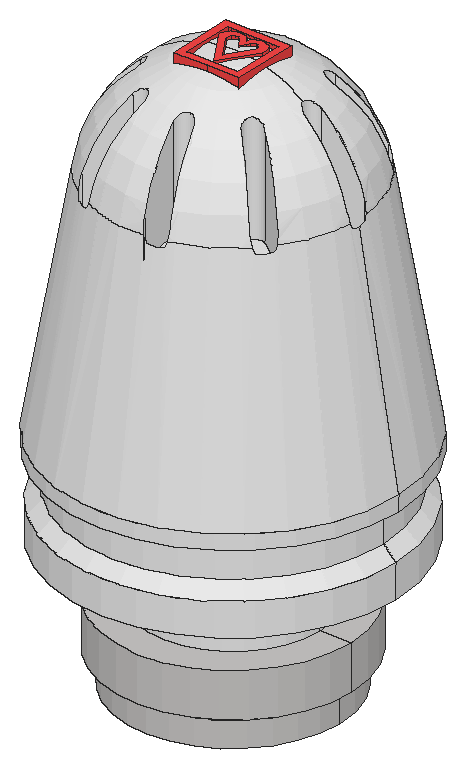
Revit family "Термостатическая головка HERZ-Design-MINI GS, с присоединительной резьбой М 28х1.5, 9200 03", category Rohrzubehör, Revit 2021
Family settings
  Bemaßung runder Anschluss = Durchmesser verwenden
  Teiletyp = Normal
  OmniClass-Nummer = 23.65.55.14
  OmniClass-Titel = Valves for Liquid Services
  Arbeitsebenenbasiert = Nein
  Immer vertikal = Nein
  Beim Laden mit Abzugskörper schneiden = Nein
  Gemeinsam genutzt = Nein
Parameters
  Принцип действия = "HERZ-термостатическая головка является датчиком прямого регулирования.\r\nИзменение объема жидкости в HERZ-гидросенсоре приводит в движение шток клапана."
  Область применения = "Для монтажа на всех HERZ-клапанах, предназначенных для термостатической работы."
  Номер заказа = 1920003  # constant formula
  Морозозащита = 6 °C  # constant formula
  Маховик = "Пластик, белый"  # constant formula
  Диапазон регулирования с морозозащитой = "6-30°C"  # constant formula
  Диапазон регулирования = "0-30°C"  # constant formula
  Vorgabe-Ansicht = 0 mm
  URL = "www.herz-armaturen.ru"
  S02 = 60 mm  # constant formula
  S01 = 73 mm  # constant formula
  Позиция теплового запирания "0" = "Термостатическая головка с жидкостным датчиком (гидросенсором) с позициями теплового запираниия \"0\" и морозозащиты, с ограничением и блокировкой диапазона регулирования."
  Hersteller = "HERZ Armaturen Ges.m.b.H."  # constant formula
  Позиция морозозащиты * = "Термостатическая головка с жидкостным датчиком (гидросенсором) с позицией морозозащиты и ограничением, блокировкой диапазона регулирования."
Reference planes
  plane 1 "Mitte (Vorne/hinten)": y = 0
  plane 2: z = 0
  plane 3 "Mitte (Links/rechts)": x = 0
Forms (mm)
  Revolve 1, solid, material "Kunststoff weiß", detail levels fine
    sketch origin (0, 0, 0) x (1, 0, 0) y (0, 0, 1)
      loop
        line (0, 0) -> (0, 73)
        arc (0, 73) -> (-11.397, 68.78) -> (-17.297, 58.156) r 17.5
        arc (-17.297, 58.156) -> (-20.011, 42.065) -> (-22.88, 26) r 1681.293
        line (-22.88, 26) -> (-22.88, 24) -> (-20.75, 24) -> (-20.75, 19.25) -> (-22.5, 17.5) -> (-22.5, 13) -> (-12.8, 13)
        arc (-12.8, 13) -> (-12.234, 12.766) -> (-12, 12.2) r 0.8
        line (-12, 12.2) -> (-12, 4.8) -> (-13.2, 4.8) -> (-13.2, 0) -> (0, 0)
      axis (0, 73) -> (0, 0)
    angle from 0 to 360
  Revolve 2, solid, material "Messing verzinkt", detail levels fine
    sketch origin (0, 0, 0) x (1, 0, 0) y (0, 0, 1)
      loop
        line (0, 0) -> (0, 5.5) -> (-16.35, 5.5) -> (-16.35, -0.576) -> (-14.75, -1.5) -> (-14.75, -5) -> (-13.35, -5) -> (-13.35, 0) -> (0, 0)
      axis (0, 5.5) -> (0, -5)
    angle from 0 to 360
  Extrusion 3, void
    sketch origin (0, 0, 0) x (1, 0, 0) y (0, 1, 0)
      loop
        arc (11.027, 1.298) -> (9.8, 0) -> (11.027, -1.298) r 1.3
        line (11.027, -1.298) -> (16.77, -1.62)
        arc (16.77, -1.62) -> (17.178, -1.485) -> (17.384, -1.107) r 0.586
        arc (17.384, -1.107) -> (17.453, 0.011) -> (17.382, 1.129) r 9
        arc (17.382, 1.129) -> (17.183, 1.492) -> (16.79, 1.621) r 0.564
        line (16.79, 1.621) -> (11.027, 1.298)
      loop
        line (9.282, 6.094) -> (13.904, 9.55)
        arc (13.904, 9.55) -> (14.121, 9.902) -> (14.04, 10.308) r 0.564
        arc (14.04, 10.308) -> (13.376, 11.21) -> (12.605, 12.023) r 9
        arc (12.605, 12.023) -> (12.205, 12.18) -> (11.805, 12.021) r 0.586
        line (11.805, 12.021) -> (7.613, 8.082)
        arc (7.613, 8.082) -> (7.507, 6.299) -> (9.282, 6.094) r 1.3
      loop
        arc (0.637, 11.085) -> (1.702, 9.651) -> (3.193, 10.634) r 1.3
        line (3.193, 10.634) -> (4.508, 16.234)
        arc (4.508, 16.234) -> (4.445, 16.659) -> (4.109, 16.928) r 0.586
        arc (4.109, 16.928) -> (3.02, 17.189) -> (1.907, 17.313) r 9
        arc (1.907, 17.313) -> (1.515, 17.181) -> (1.319, 16.816) r 0.564
        line (1.319, 16.816) -> (0.637, 11.085)
      loop
        line (-4.39, 10.199) -> (-6.991, 15.351)
        arc (-6.991, 15.351) -> (-7.3, 15.626) -> (-7.713, 15.617) r 0.564
        arc (-7.713, 15.617) -> (-8.717, 15.12) -> (-9.651, 14.501) r 9
        arc (-9.651, 14.501) -> (-9.875, 14.134) -> (-9.788, 13.713) r 0.586
        line (-9.788, 13.713) -> (-6.638, 8.901)
        arc (-6.638, 8.901) -> (-4.9, 8.487) -> (-4.39, 10.199) r 1.3
      loop
        arc (-10.806, 2.552) -> (-9.209, 3.352) -> (-9.918, 4.991) r 1.3
        line (-9.918, 4.991) -> (-15.204, 7.258)
        arc (-15.204, 7.258) -> (-15.634, 7.271) -> (-15.957, 6.986) r 0.586
        arc (-15.957, 6.986) -> (-16.404, 5.959) -> (-16.719, 4.884) r 9
        arc (-16.719, 4.884) -> (-16.657, 4.475) -> (-16.332, 4.219) r 0.564
        line (-16.332, 4.219) -> (-10.806, 2.552)
      loop
        line (-10.806, -2.552) -> (-16.332, -4.219)
        arc (-16.332, -4.219) -> (-16.657, -4.475) -> (-16.719, -4.884) r 0.564
        arc (-16.719, -4.884) -> (-16.404, -5.959) -> (-15.957, -6.986) r 9
        arc (-15.957, -6.986) -> (-15.634, -7.271) -> (-15.204, -7.258) r 0.586
        line (-15.204, -7.258) -> (-9.918, -4.991)
        arc (-9.918, -4.991) -> (-9.209, -3.352) -> (-10.806, -2.552) r 1.3
      loop
        arc (9.282, -6.094) -> (7.507, -6.299) -> (7.613, -8.082) r 1.3
        line (7.613, -8.082) -> (11.805, -12.021)
        arc (11.805, -12.021) -> (12.205, -12.18) -> (12.605, -12.023) r 0.586
        arc (12.605, -12.023) -> (13.376, -11.21) -> (14.04, -10.308) r 9
        arc (14.04, -10.308) -> (14.121, -9.902) -> (13.904, -9.55) r 0.564
        line (13.904, -9.55) -> (9.282, -6.094)
      loop
        line (0.637, -11.085) -> (1.319, -16.816)
        arc (1.319, -16.816) -> (1.515, -17.181) -> (1.907, -17.313) r 0.564
        arc (1.907, -17.313) -> (3.02, -17.189) -> (4.109, -16.928) r 9
        arc (4.109, -16.928) -> (4.445, -16.659) -> (4.508, -16.234) r 0.586
        line (4.508, -16.234) -> (3.193, -10.634)
        arc (3.193, -10.634) -> (1.702, -9.651) -> (0.637, -11.085) r 1.3
      loop
        arc (-4.39, -10.199) -> (-4.9, -8.487) -> (-6.638, -8.901) r 1.3
        line (-6.638, -8.901) -> (-9.788, -13.713)
        arc (-9.788, -13.713) -> (-9.875, -14.134) -> (-9.651, -14.501) r 0.586
        arc (-9.651, -14.501) -> (-8.717, -15.12) -> (-7.713, -15.617) r 9
        arc (-7.713, -15.617) -> (-7.3, -15.626) -> (-6.991, -15.351) r 0.564
        line (-6.991, -15.351) -> (-4.39, -10.199)
    from 55 to 73
Cuts and joins
  Extrusion 3 cuts Revolve 1
Lines and regions (mm)
  model lines, detail levels coarse+medium
    curve 1: line (0, 0, 0) -> (0, 0, 13)
    curve 2: line (0, -0.017, 0) -> (0, 13, 0)
    curve 3: circle (0, 0, 43) r 30 normal (0, -1, 0)
    curve 4: circle (0, 0, 43) r 30 normal (1, 0, 0)
    curve 5: line (0, 0, 23) -> (0, 0, 63)
    curve 6: line (0, -17.5, 63) -> (0, 17.5, 63)
    curve 7: line (0, 0, 23) -> (0, 0, 63)
    curve 8: line (-17.5, 0, 63) -> (17.5, 0, 63)
    curve 9: circle (0, 43, 0) r 30 normal (0, 0, 1)
    curve 10: line (0, 23, 0) -> (0, 63, 0)
    curve 11: line (-17.5, 63, 0) -> (17.5, 63, 0)
Dimensions and locks
  "S01": curve 4 to plane 2
  "S01": curve 3 to plane 2
  "S01": plane 1 "Mitte (Vorne/hinten)" to curve 9
  "S02": diameter of curve 3
  "S02": diameter of curve 4
  "S02": diameter of curve 9
  aligned and locked: level to plane 2
Automatic sketch dimensions
  Revolve 1 sketch curve to level = 0 mm
  Revolve 1 sketch curve to plane 3 "Mitte (Links/rechts)" = 0 mm  (x2)
  Revolve 1 sketch curve to plane 3 "Mitte (Links/rechts)" = 12 mm
  Revolve 1 sketch curve to Revolve 1 sketch curve = 0.8 mm
  Revolve 1 sketch curve to Revolve 1 sketch curve = 1.2 mm
  Revolve 1 sketch curve to Revolve 1 sketch curve = 7.95 mm
  Revolve 1 sketch curve to Revolve 1 sketch curve = 1.75 mm  (x2)
  Revolve 1 sketch curve to Revolve 1 sketch curve = 2.13 mm
  level to Revolve 1 sketch curve = 329.658 mm
  Revolve 1 sketch curve to plane 3 "Mitte (Links/rechts)" = 1676.524 mm
  level to Revolve 1 sketch curve = 4.8 mm
  Revolve 1 sketch curve to Revolve 1 sketch curve = 7.4 mm
  Revolve 1 sketch curve to Revolve 1 sketch curve = 4.5 mm
  Revolve 1 sketch curve to Revolve 1 sketch curve = 4.75 mm
  Revolve 1 sketch curve to Revolve 1 sketch curve = 2 mm
  Revolve 1 sketch curve to Revolve 1 sketch curve = 29.5 mm
  Revolve 1 sketch curve to Revolve 1 sketch curve = 17.5 mm
  Revolve 1 sketch curve to level = 366.045 mm
  Revolve 1 sketch curve to Revolve 1 sketch curve = 2141.315 mm
  Revolve 2 sketch curve to level = 0 mm
  Revolve 2 sketch curve to plane 3 "Mitte (Links/rechts)" = 0 mm  (x2)
  Revolve 2 sketch curve to level = 5 mm
  Revolve 2 sketch curve to plane 3 "Mitte (Links/rechts)" = 13.35 mm
  Revolve 2 sketch curve to Revolve 2 sketch curve = 1.4 mm
  Revolve 2 sketch curve to level = 0.576 mm
  Revolve 2 sketch curve to Revolve 2 sketch curve = 1.6 mm
  Revolve 2 sketch curve to level = 1.5 mm
  level to Revolve 2 sketch curve = 5.5 mm
  Revolve 2 sketch curve to Revolve 2 sketch curve = 361.045 mm
  Revolve 2 sketch curve to Revolve 2 sketch curve = 2208.815 mm
  plane 1 "Mitte (Vorne/hinten)" to Extrusion 3 sketch curve = 0 mm  (x2)
  Extrusion 3 sketch curve to plane 1 "Mitte (Vorne/hinten)" = 4.219 mm
  Extrusion 3 sketch curve to plane 3 "Mitte (Links/rechts)" = 16.332 mm
  plane 1 "Mitte (Vorne/hinten)" to Extrusion 3 sketch curve = 4.219 mm
  Extrusion 3 sketch curve to Extrusion 3 sketch curve = 0 mm  (x11)
  Extrusion 3 sketch curve to Extrusion 3 sketch curve = 0.163 mm  (x2)
  Extrusion 3 sketch curve to Extrusion 3 sketch curve = 0.734 mm  (x2)
  plane 1 "Mitte (Vorne/hinten)" to Extrusion 3 sketch curve = 7.258 mm
  Extrusion 3 sketch curve to Extrusion 3 sketch curve = 0.231 mm  (x2)
  Extrusion 3 sketch curve to plane 1 "Mitte (Vorne/hinten)" = 7.258 mm
  plane 1 "Mitte (Vorne/hinten)" to Extrusion 3 sketch curve = 2.552 mm
  Extrusion 3 sketch curve to Extrusion 3 sketch curve = 5.526 mm
  Extrusion 3 sketch curve to plane 1 "Mitte (Vorne/hinten)" = 2.552 mm
  Extrusion 3 sketch curve to Extrusion 3 sketch curve = 0.375 mm  (x2)
  Extrusion 3 sketch curve to Extrusion 3 sketch curve = 0.512 mm  (x2)
  Extrusion 3 sketch curve to Extrusion 3 sketch curve = 5.416 mm  (x2)
  Extrusion 3 sketch curve to Extrusion 3 sketch curve = 0.49 mm  (x2)
  Extrusion 3 sketch curve to Extrusion 3 sketch curve = 2.488 mm  (x2)
  Extrusion 3 sketch curve to Extrusion 3 sketch curve = 1.803 mm  (x2)
  Extrusion 3 sketch curve to Extrusion 3 sketch curve = 0.504 mm  (x2)
  Extrusion 3 sketch curve to Extrusion 3 sketch curve = 3.281 mm  (x2)
  Extrusion 3 sketch curve to Extrusion 3 sketch curve = 1.088 mm  (x2)
  Extrusion 3 sketch curve to Extrusion 3 sketch curve = 1.16 mm  (x2)
  Extrusion 3 sketch curve to Extrusion 3 sketch curve = 1.324 mm  (x2)
  plane 3 "Mitte (Links/rechts)" to Extrusion 3 sketch curve = 0.637 mm  (x2)
  plane 3 "Mitte (Links/rechts)" to Extrusion 3 sketch curve = 1.319 mm  (x2)
  plane 3 "Mitte (Links/rechts)" to Extrusion 3 sketch curve = 1.468 mm  (x2)
  Extrusion 3 sketch curve to Extrusion 3 sketch curve = 0.561 mm  (x2)
  Extrusion 3 sketch curve to Extrusion 3 sketch curve = 1.291 mm  (x2)
  Extrusion 3 sketch curve to Extrusion 3 sketch curve = 1.266 mm  (x2)
  Extrusion 3 sketch curve to Extrusion 3 sketch curve = 2.058 mm  (x2)
  Extrusion 3 sketch curve to Extrusion 3 sketch curve = 0.57 mm  (x2)
  Extrusion 3 sketch curve to Extrusion 3 sketch curve = 5.007 mm  (x2)
  Extrusion 3 sketch curve to Extrusion 3 sketch curve = 1.138 mm  (x2)
  Extrusion 3 sketch curve to Extrusion 3 sketch curve = 1.978 mm
  Extrusion 3 sketch curve to Extrusion 3 sketch curve = 0.89 mm  (x2)
  Extrusion 3 sketch curve to Extrusion 3 sketch curve = 0.779 mm  (x2)
  plane 1 "Mitte (Vorne/hinten)" to Extrusion 3 sketch curve = 1.298 mm
  Extrusion 3 sketch curve to Extrusion 3 sketch curve = 2.575 mm
  Extrusion 3 sketch curve to Extrusion 3 sketch curve = 0.073 mm
  Extrusion 3 sketch curve to Extrusion 3 sketch curve = 4.192 mm  (x2)
  Extrusion 3 sketch curve to Extrusion 3 sketch curve = 0.401 mm  (x2)
  Extrusion 3 sketch curve to Extrusion 3 sketch curve = 1.36 mm  (x2)
  Extrusion 3 sketch curve to Extrusion 3 sketch curve = 0.338 mm  (x2)
  plane 1 "Mitte (Vorne/hinten)" to Extrusion 3 sketch curve = 1.62 mm
  Extrusion 3 sketch curve to Extrusion 3 sketch curve = 5.743 mm
  Extrusion 3 sketch curve to plane 1 "Mitte (Vorne/hinten)" = 1.621 mm
  Extrusion 3 sketch curve to Extrusion 3 sketch curve = 0.02 mm
  Extrusion 3 sketch curve to Extrusion 3 sketch curve = 0.033 mm
  Extrusion 3 sketch curve to Extrusion 3 sketch curve = 0.032 mm
  plane 1 "Mitte (Vorne/hinten)" to Extrusion 3 sketch curve = 7.32 mm
  Extrusion 3 sketch curve to Extrusion 3 sketch curve = 6.784 mm
  Extrusion 3 sketch curve to Extrusion 3 sketch curve = 1.004 mm
  Extrusion 3 sketch curve to Extrusion 3 sketch curve = 1.581 mm  (x2)
  Extrusion 3 sketch curve to Extrusion 3 sketch curve = 1.468 mm
  Extrusion 3 sketch curve to Extrusion 3 sketch curve = 0.712 mm  (x2)
  Extrusion 3 sketch curve to Extrusion 3 sketch curve = 0.452 mm  (x2)
  Extrusion 3 sketch curve to Extrusion 3 sketch curve = 2.31 mm  (x2)
  Extrusion 3 sketch curve to Extrusion 3 sketch curve = 0.297 mm  (x2)
  Extrusion 3 sketch curve to Extrusion 3 sketch curve = 1.591 mm  (x2)
  Extrusion 3 sketch curve to Extrusion 3 sketch curve = 0.427 mm  (x2)
  Extrusion 3 sketch curve to Extrusion 3 sketch curve = 4.812 mm  (x2)
  Extrusion 3 sketch curve to Extrusion 3 sketch curve = 0.321 mm  (x2)
  Extrusion 3 sketch curve to Extrusion 3 sketch curve = 1.063 mm  (x2)
  Extrusion 3 sketch curve to Extrusion 3 sketch curve = 0.254 mm  (x2)
  Extrusion 3 sketch curve to Extrusion 3 sketch curve = 5.599 mm  (x2)
  Extrusion 3 sketch curve to Extrusion 3 sketch curve = 0.134 mm  (x2)
  Extrusion 3 sketch curve to Extrusion 3 sketch curve = 0.382 mm  (x2)
  Extrusion 3 sketch curve to Extrusion 3 sketch curve = 0.067 mm  (x2)
  Extrusion 3 sketch curve to Extrusion 3 sketch curve = 0.947 mm
  Extrusion 3 sketch curve to Extrusion 3 sketch curve = 0.539 mm  (x2)
  Extrusion 3 sketch curve to Extrusion 3 sketch curve = 1.702 mm
  Extrusion 3 sketch curve to Extrusion 3 sketch curve = 2.439 mm
  Extrusion 3 sketch curve to Extrusion 3 sketch curve = 0.54 mm  (x2)
  Extrusion 3 sketch curve to Extrusion 3 sketch curve = 0.905 mm
  Extrusion 3 sketch curve to Extrusion 3 sketch curve = 0.585 mm
  Extrusion 3 sketch curve to Extrusion 3 sketch curve = 0.564 mm
  Extrusion 3 sketch curve to Extrusion 3 sketch curve = 0.339 mm
  Extrusion 3 sketch curve to Extrusion 3 sketch curve = 1.245 mm
  Extrusion 3 sketch curve to plane 1 "Mitte (Vorne/hinten)" = 5.433 mm
  Extrusion 3 sketch curve to Extrusion 3 sketch curve = 0.661 mm
  Extrusion 3 sketch curve to Extrusion 3 sketch curve = 1.041 mm
  Extrusion 3 sketch curve to Extrusion 3 sketch curve = 4.429 mm
  Extrusion 3 sketch curve to Extrusion 3 sketch curve = 2.891 mm
  Extrusion 3 sketch curve to Extrusion 3 sketch curve = 3.456 mm
  Extrusion 3 sketch curve to plane 1 "Mitte (Vorne/hinten)" = 1.298 mm  (x2)
  curve 5 to plane 1 "Mitte (Vorne/hinten)" = 0 mm
  curve 4 to plane 1 "Mitte (Vorne/hinten)" = 0 mm
  plane 1 "Mitte (Vorne/hinten)" to curve 6 = 17.5 mm
  curve 5 to curve 6 = 17.5 mm
  curve 5 to curve 4 = 20 mm
  curve 4 to curve 6 = 20 mm
  curve 3 to plane 3 "Mitte (Links/rechts)" = 0 mm
  curve 7 to plane 3 "Mitte (Links/rechts)" = 0 mm
  curve 1 to plane 3 "Mitte (Links/rechts)" = 0 mm
  curve 1 to level = 0 mm
  curve 8 to curve 7 = 17.5 mm
  plane 3 "Mitte (Links/rechts)" to curve 8 = 17.5 mm
  curve 1 to curve 7 = 10 mm
  curve 3 to curve 8 = 20 mm
  curve 9 to plane 3 "Mitte (Links/rechts)" = 0 mm
  curve 10 to plane 3 "Mitte (Links/rechts)" = 0 mm
  curve 2 to plane 3 "Mitte (Links/rechts)" = 0 mm
  curve 11 to curve 10 = 17.5 mm
  plane 3 "Mitte (Links/rechts)" to curve 11 = 17.5 mm
  plane 1 "Mitte (Vorne/hinten)" to curve 2 = 0.017 mm
  curve 2 to curve 10 = 10 mm
  curve 9 to curve 11 = 20 mm
Nested families
  nested 1: "Herz-Logo" at (0, 0, 71.5), type "Herz-Logo", detail levels fine
Definition of nested family "Herz-Logo"
  Parameters (values of type "Herz-Logo")
    Default Elevation = 0 mm
  Reference planes
    plane 1 "Mitte (Vorne/hinten)": y = 0
    plane 2: z = 0
    plane 3 "Mitte (Links/rechts)": x = 0
  Forms (mm)
    Extrusion 1, solid
      sketch origin (0, 0, 0) x (1, 0, 0) y (0, 1, 0)
        loop
          line (-0.018, -4.517) -> (4.482, -4.517) -> (4.482, 4.483) -> (-4.518, 4.483) -> (-4.518, -4.517) -> (-0.018, -4.517)
        loop
          line (-0.05, -3.48) -> (3.482, -3.48) -> (3.482, 3.483) -> (-3.518, 3.483) -> (-3.518, -3.48) -> (-0.05, -3.48)
        loop
          arc (-0.018, 2.383) -> (-1.543, 3.287) -> (-3.067, 2.383) r 1.738
          arc (-3.067, 2.383) -> (-3.191, 1.899) -> (-3.067, 1.415) r 1.009
          line (-3.067, 1.415) -> (-0.018, -3.281) -> (3.032, 1.415)
          arc (3.032, 1.415) -> (3.156, 1.899) -> (3.032, 2.383) r 1.009
          arc (3.032, 2.383) -> (1.507, 3.287) -> (-0.018, 2.383) r 1.738
        loop
          arc (1.885, 1.272) -> (2.005, 1.675) -> (1.885, 2.079) r 0.74
          arc (1.885, 2.079) -> (1.265, 2.416) -> (0.644, 2.079) r 0.74
          line (0.644, 2.079) -> (-0.018, 0.97) -> (-0.679, 2.079)
          arc (-0.679, 2.079) -> (-1.3, 2.416) -> (-1.921, 2.079) r 0.74
          arc (-1.921, 2.079) -> (-2.04, 1.675) -> (-1.921, 1.272) r 0.74
          line (-1.921, 1.272) -> (-0.018, -1.658) -> (1.885, 1.272)
      from 0 to 1.5
  Dimensions and locks
    aligned and locked: level to plane 2
